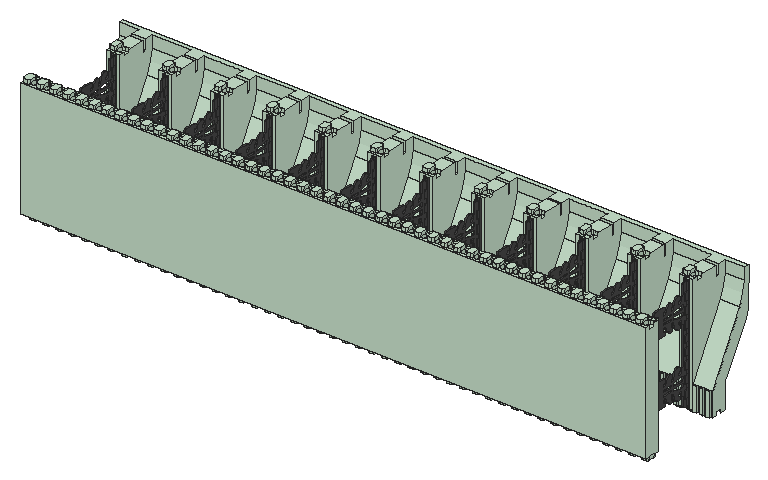
Revit family "ICF- NUDURA 10-inch- Brick Ledge Form Unit- Imperial", category Generic Models, Revit 2010 (continued)
Definition of nested family "NUDURA Diamond Pattern"
  Lines and regions (in)
    model lines
      curve 136: line (4.17062, -5.625, 4.69822) -> (4.54562, -5.625, 5.07322)
      curve 137: arc (4.54562, -5.625, 5.07322) -> (4.61884, -5.625, 5.25) -> (4.54562, -5.625, 5.42678) r 0.25
      curve 138: line (4.54562, -5.625, 5.42678) -> (4.17062, -5.625, 5.80178)
      curve 139: arc (3.69709, -5.625, 4.35858) -> (3.75567, -5.625, 4.5) -> (3.69709, -5.625, 4.64142) r 0.2
      curve 140: line (4.634, -5.625, 4.01517) -> (4.29059, -5.625, 4.35858)
      curve 141: arc (4.634, -5.625, 3.48484) -> (4.74384, -5.625, 3.75) -> (4.634, -5.625, 4.01517) r 0.375
      curve 142: line (4.29059, -5.625, 3.14142) -> (4.634, -5.625, 3.48484)
      curve 143: line (3.35367, -5.625, 3.48484) -> (3.69709, -5.625, 3.14142)
      curve 144: arc (3.35367, -5.625, 4.01517) -> (3.24384, -5.625, 3.75) -> (3.35367, -5.625, 3.48484) r 0.375
      curve 145: line (3.69709, -5.625, 4.35858) -> (3.35367, -5.625, 4.01517)
      curve 146: arc (4.17062, -5.625, 4.30178) -> (3.99384, -5.625, 4.375) -> (3.81706, -5.625, 4.30178) r 0.25
      curve 147: line (3.81706, -5.625, 4.30178) -> (3.44206, -5.625, 3.92678)
      curve 148: arc (3.44206, -5.625, 3.92678) -> (3.36884, -5.625, 3.75) -> (3.44206, -5.625, 3.57322) r 0.25
      curve 149: line (3.44206, -5.625, 3.57322) -> (3.81706, -5.625, 3.19822)
      curve 150: arc (3.81706, -5.625, 3.19822) -> (3.99384, -5.625, 3.125) -> (4.17062, -5.625, 3.19822) r 0.25
      curve 151: line (4.17062, -5.625, 3.19822) -> (4.54562, -5.625, 3.57322)
      curve 152: arc (4.54562, -5.625, 3.57322) -> (4.61884, -5.625, 3.75) -> (4.54562, -5.625, 3.92678) r 0.25
      curve 153: line (4.54562, -5.625, 3.92678) -> (4.17062, -5.625, 4.30178)
      curve 154: arc (3.69709, -5.625, 2.85858) -> (3.75567, -5.625, 3) -> (3.69709, -5.625, 3.14142) r 0.2
      curve 155: line (4.634, -5.625, 2.51517) -> (4.29059, -5.625, 2.85858)
      curve 156: arc (4.634, -5.625, 1.98484) -> (4.74384, -5.625, 2.25) -> (4.634, -5.625, 2.51517) r 0.375
      curve 157: line (4.29059, -5.625, 1.64142) -> (4.634, -5.625, 1.98484)
      curve 158: line (3.35367, -5.625, 1.98484) -> (3.69709, -5.625, 1.64142)
      curve 159: arc (3.35367, -5.625, 2.51517) -> (3.24384, -5.625, 2.25) -> (3.35367, -5.625, 1.98484) r 0.375
      curve 160: line (3.69709, -5.625, 2.85858) -> (3.35367, -5.625, 2.51517)
      curve 161: arc (4.17062, -5.625, 2.80178) -> (3.99384, -5.625, 2.875) -> (3.81706, -5.625, 2.80178) r 0.25
      curve 162: line (3.81706, -5.625, 2.80178) -> (3.44206, -5.625, 2.42678)
      curve 163: arc (3.44206, -5.625, 2.42678) -> (3.36884, -5.625, 2.25) -> (3.44206, -5.625, 2.07322) r 0.25
      curve 164: line (3.44206, -5.625, 2.07322) -> (3.81706, -5.625, 1.69822)
      curve 165: arc (3.81706, -5.625, 1.69822) -> (3.99384, -5.625, 1.625) -> (4.17062, -5.625, 1.69822) r 0.25
      curve 166: line (4.17062, -5.625, 1.69822) -> (4.54562, -5.625, 2.07322)
      curve 167: arc (4.54562, -5.625, 2.07322) -> (4.61884, -5.625, 2.25) -> (4.54562, -5.625, 2.42678) r 0.25
      curve 168: line (4.54562, -5.625, 2.42678) -> (4.17062, -5.625, 2.80178)
      curve 169: arc (3.69709, -5.625, 1.35858) -> (3.75567, -5.625, 1.5) -> (3.69709, -5.625, 1.64142) r 0.2
      curve 170: line (3.69709, -5.625, 1.35858) -> (3.35367, -5.625, 1.01517)
      curve 171: arc (3.35367, -5.625, 1.01517) -> (3.24384, -5.625, 0.75) -> (3.35367, -5.625, 0.48484) r 0.375
      curve 172: line (3.35367, -5.625, 0.48484) -> (3.72867, -5.625, 0.10984)
      curve 173: arc (3.72867, -5.625, 0.10984) -> (3.99384, -5.625, 0) -> (4.259, -5.625, 0.10984) r 0.375
      curve 174: line (4.259, -5.625, 0.10984) -> (4.634, -5.625, 0.48484)
      curve 175: arc (4.634, -5.625, 0.48484) -> (4.74384, -5.625, 0.75) -> (4.634, -5.625, 1.01517) r 0.375
      curve 176: line (4.634, -5.625, 1.01517) -> (4.29059, -5.625, 1.35858)
      curve 177: arc (4.29059, -5.625, 1.64142) -> (4.23201, -5.625, 1.5) -> (4.29059, -5.625, 1.35858) r 0.2
      curve 178: arc (4.17062, -5.625, 1.30178) -> (3.99384, -5.625, 1.375) -> (3.81706, -5.625, 1.30178) r 0.25
      curve 179: line (4.54562, -5.625, 0.92678) -> (4.17062, -5.625, 1.30178)
      curve 180: arc (4.54562, -5.625, 0.57322) -> (4.61884, -5.625, 0.75) -> (4.54562, -5.625, 0.92678) r 0.25
      curve 181: line (4.17062, -5.625, 0.19822) -> (4.54562, -5.625, 0.57322)
      curve 182: arc (3.81706, -5.625, 0.19822) -> (3.99384, -5.625, 0.125) -> (4.17062, -5.625, 0.19822) r 0.25
      curve 183: line (3.44206, -5.625, 0.57322) -> (3.81706, -5.625, 0.19822)
      curve 184: arc (3.44206, -5.625, 0.92678) -> (3.36884, -5.625, 0.75) -> (3.44206, -5.625, 0.57322) r 0.25
      curve 185: line (3.81706, -5.625, 1.30178) -> (3.44206, -5.625, 0.92678)
      curve 186: arc (4.29059, -5.625, 3.14142) -> (4.23201, -5.625, 3) -> (4.29059, -5.625, 2.85858) r 0.2
      curve 187: arc (4.29059, -5.625, 4.64142) -> (4.23201, -5.625, 4.5) -> (4.29059, -5.625, 4.35858) r 0.2
      curve 188: arc (4.29059, -5.625, 6.14142) -> (4.23201, -5.625, 6) -> (4.29059, -5.625, 5.85858) r 0.2
      curve 189: arc (4.29059, -5.625, 7.64142) -> (4.23201, -5.625, 7.5) -> (4.29059, -5.625, 7.35858) r 0.2
      curve 190: arc (4.29059, -5.625, 9.14142) -> (4.23201, -5.625, 9) -> (4.29059, -5.625, 8.85858) r 0.2
      curve 191: arc (4.29059, -5.625, 10.64142) -> (4.23201, -5.625, 10.5) -> (4.29059, -5.625, 10.35858) r 0.2
      curve 192: arc (4.29059, -5.625, 12.14142) -> (4.23201, -5.625, 12) -> (4.29059, -5.625, 11.85858) r 0.2
      curve 193: arc (4.29059, -5.625, 13.64142) -> (4.23201, -5.625, 13.5) -> (4.29059, -5.625, 13.35858) r 0.2
      curve 194: arc (4.29059, -5.625, 15.14142) -> (4.23201, -5.625, 15) -> (4.29059, -5.625, 14.85858) r 0.2
      curve 195: arc (4.29059, -5.625, 16.64142) -> (4.23201, -5.625, 16.5) -> (4.29059, -5.625, 16.35858) r 0.2
Definition of nested family "NUDURA Logo Diamond"
  Reference planes (in)
    plane 1 "Center (Front/Back)": y = 0
    plane 2: z = 0
    plane 3 "Center (Left/Right)": x = 0
  Lines and regions (in)
    model lines
      curve 1: line (12.59848, 0, 17.50104) -> (12.24492, 0, 17.85459)
      curve 2: line (12.36113, 0, 16.76872) -> (12.59848, 0, 17.00607)
      curve 3: line (12.59848, 0, 16.00104) -> (12.36113, 0, 16.23839)
      curve 4: line (12.36113, 0, 15.26872) -> (12.59848, 0, 15.50607)
      curve 5: line (12.59848, 0, 14.50104) -> (12.36113, 0, 14.73839)
      curve 6: line (12.36113, 0, 13.76872) -> (12.59848, 0, 14.00607)
      curve 7: line (12.17421, 0, 13.28388) -> (12.71208, 0, 12.74602)
      curve 8: line (12.71208, 0, 12.74602) -> (12.78279, 0, 12.81673)
      curve 9: line (11.28279, 0, 12.74602) -> (11.82066, 0, 13.28388)
      curve 10: line (11.63374, 0, 13.23839) -> (11.21208, 0, 12.81673)
      curve 11: line (11.3964, 0, 14.00607) -> (11.63374, 0, 13.76872)
      curve 12: line (11.63374, 0, 14.73839) -> (11.3964, 0, 14.50104)
      curve 13: line (11.3964, 0, 15.50607) -> (11.63374, 0, 15.26872)
      curve 14: line (11.63374, 0, 16.23839) -> (11.3964, 0, 16.00104)
      curve 15: line (11.3964, 0, 17.00607) -> (11.63374, 0, 16.76872)
      curve 16: line (11.74995, 0, 17.85459) -> (11.3964, 0, 17.50104)
      curve 17: line (11.82066, 0, 17.78388) -> (11.46711, 0, 17.43033)
      curve 18: line (12.52777, 0, 17.43033) -> (12.17421, 0, 17.78388)
      curve 19: line (12.17421, 0, 16.72322) -> (12.52777, 0, 17.07678)
      curve 20: line (11.46711, 0, 17.07678) -> (11.82066, 0, 16.72322)
      curve 21: arc (11.3964, 0, 17.50104) -> (11.29388, 0, 17.25355) -> (11.3964, 0, 17.00607) r 0.35
      curve 22: arc (11.74995, 0, 17.85459) -> (11.99744, 0, 17.95711) -> (12.24492, 0, 17.85459) r 0.35
      curve 23: arc (11.46711, 0, 17.43033) -> (11.39388, 0, 17.25355) -> (11.46711, 0, 17.07678) r 0.25
      curve 24: arc (12.52777, 0, 17.43033) -> (12.60099, 0, 17.25355) -> (12.52777, 0, 17.07678) r 0.25
      curve 25: arc (12.17421, 0, 16.72322) -> (11.99744, 0, 16.65) -> (11.82066, 0, 16.72322) r 0.25
      curve 26: arc (11.82066, 0, 17.78388) -> (11.99744, 0, 17.85711) -> (12.17421, 0, 17.78388) r 0.25
      curve 27: arc (12.59848, 0, 17.50104) -> (12.70099, 0, 17.25355) -> (12.59848, 0, 17.00607) r 0.35
      curve 28: arc (11.63374, 0, 16.76872) -> (11.74358, 0, 16.50355) -> (11.63374, 0, 16.23839) r 0.375
      curve 29: arc (12.36113, 0, 16.76872) -> (12.2513, 0, 16.50355) -> (12.36113, 0, 16.23839) r 0.375
      curve 30: line (12.36113, 0, 15.26872) -> (12.59848, 0, 15.50607)
      curve 31: line (11.3964, 0, 15.50607) -> (11.63374, 0, 15.26872)
      curve 32: line (11.82066, 0, 16.28388) -> (11.46711, 0, 15.93033)
      curve 33: line (12.52777, 0, 15.93033) -> (12.17421, 0, 16.28388)
      curve 34: line (12.17421, 0, 15.22322) -> (12.52777, 0, 15.57678)
      curve 35: line (11.46711, 0, 15.57678) -> (11.82066, 0, 15.22322)
      curve 36: arc (11.3964, 0, 16.00104) -> (11.29388, 0, 15.75355) -> (11.3964, 0, 15.50607) r 0.35
      curve 37: arc (11.46711, 0, 15.93033) -> (11.39388, 0, 15.75355) -> (11.46711, 0, 15.57678) r 0.25
      curve 38: arc (12.52777, 0, 15.93033) -> (12.60099, 0, 15.75355) -> (12.52777, 0, 15.57678) r 0.25
      curve 39: arc (12.17421, 0, 15.22322) -> (11.99744, 0, 15.15) -> (11.82066, 0, 15.22322) r 0.25
      curve 40: arc (11.82066, 0, 16.28388) -> (11.99744, 0, 16.35711) -> (12.17421, 0, 16.28388) r 0.25
      curve 41: arc (12.59848, 0, 16.00104) -> (12.70099, 0, 15.75355) -> (12.59848, 0, 15.50607) r 0.35
      curve 42: line (11.63374, 0, 16.23839) -> (11.3964, 0, 16.00104)
      curve 43: line (12.59848, 0, 16.00104) -> (12.36113, 0, 16.23839)
      curve 44: arc (11.63374, 0, 15.26872) -> (11.74358, 0, 15.00355) -> (11.63374, 0, 14.73839) r 0.375
      curve 45: arc (12.36113, 0, 15.26872) -> (12.2513, 0, 15.00355) -> (12.36113, 0, 14.73839) r 0.375
      curve 46: line (12.36113, 0, 13.76872) -> (12.59848, 0, 14.00607)
      curve 47: line (11.3964, 0, 14.00607) -> (11.63374, 0, 13.76872)
      curve 48: line (11.82066, 0, 14.78388) -> (11.46711, 0, 14.43033)
      curve 49: line (12.52777, 0, 14.43033) -> (12.17421, 0, 14.78388)
      curve 50: line (12.17421, 0, 13.72322) -> (12.52777, 0, 14.07678)
      curve 51: line (11.46711, 0, 14.07678) -> (11.82066, 0, 13.72322)
      curve 52: arc (11.3964, 0, 14.50104) -> (11.29388, 0, 14.25355) -> (11.3964, 0, 14.00607) r 0.35
      curve 53: arc (11.46711, 0, 14.43033) -> (11.39388, 0, 14.25355) -> (11.46711, 0, 14.07678) r 0.25
      curve 54: arc (12.52777, 0, 14.43033) -> (12.60099, 0, 14.25355) -> (12.52777, 0, 14.07678) r 0.25
      curve 55: arc (12.17421, 0, 13.72322) -> (11.99744, 0, 13.65) -> (11.82066, 0, 13.72322) r 0.25
      curve 56: arc (11.82066, 0, 14.78388) -> (11.99744, 0, 14.85711) -> (12.17421, 0, 14.78388) r 0.25
      curve 57: arc (12.59848, 0, 14.50104) -> (12.70099, 0, 14.25355) -> (12.59848, 0, 14.00607) r 0.35
      curve 58: line (11.63374, 0, 14.73839) -> (11.3964, 0, 14.50104)
      curve 59: arc (11.63374, 0, 13.76872) -> (11.74358, 0, 13.50355) -> (11.63374, 0, 13.23839) r 0.375
      curve 60: arc (12.36113, 0, 13.76872) -> (12.2513, 0, 13.50355) -> (12.36113, 0, 13.23839) r 0.375
      curve 61: line (12.78279, 0, 12.81673) -> (12.36113, 0, 13.23839)
      curve 62: line (11.21208, 0, 12.81673) -> (11.28279, 0, 12.74602)
      curve 63: arc (11.82066, 0, 13.28388) -> (11.99744, 0, 13.35711) -> (12.17421, 0, 13.28388) r 0.25
      curve 64: line (12.59848, 0, 0.50607) -> (12.24492, 0, 0.15251)
      curve 65: line (12.36113, 0, 1.23839) -> (12.59848, 0, 1.00104)
      curve 66: line (12.59848, 0, 2.00607) -> (12.36113, 0, 1.76872)
      curve 67: line (12.36113, 0, 2.73839) -> (12.59848, 0, 2.50104)
      curve 68: line (12.59848, 0, 3.50607) -> (12.36113, 0, 3.26872)
      curve 69: line (12.36113, 0, 4.23839) -> (12.59848, 0, 4.00104)
      curve 70: line (12.17421, 0, 4.72322) -> (12.71208, 0, 5.26109)
      curve 71: line (12.71208, 0, 5.26109) -> (12.78279, 0, 5.19038)
      curve 72: line (11.28279, 0, 5.26109) -> (11.82066, 0, 4.72322)
      curve 73: line (11.63374, 0, 4.76872) -> (11.21208, 0, 5.19038)
      curve 74: line (11.3964, 0, 4.00104) -> (11.63374, 0, 4.23839)
      curve 75: line (11.63374, 0, 3.26872) -> (11.3964, 0, 3.50607)
      curve 76: line (11.3964, 0, 2.50104) -> (11.63374, 0, 2.73839)
      curve 77: line (11.63374, 0, 1.76872) -> (11.3964, 0, 2.00607)
      curve 78: line (11.3964, 0, 1.00104) -> (11.63374, 0, 1.23839)
      curve 79: line (11.74995, 0, 0.15251) -> (11.3964, 0, 0.50607)
      curve 80: line (11.82066, 0, 0.22322) -> (11.46711, 0, 0.57678)
      curve 81: line (12.52777, 0, 0.57678) -> (12.17421, 0, 0.22322)
      curve 82: line (12.17421, 0, 1.28388) -> (12.52777, 0, 0.93033)
      curve 83: line (11.46711, 0, 0.93033) -> (11.82066, 0, 1.28388)
      curve 84: arc (11.3964, 0, 0.50607) -> (11.29388, 0, 0.75355) -> (11.3964, 0, 1.00104) r 0.35
      curve 85: arc (11.74995, 0, 0.15251) -> (11.99744, 0, 0.05) -> (12.24492, 0, 0.15251) r 0.35
      curve 86: arc (11.46711, 0, 0.57678) -> (11.39388, 0, 0.75355) -> (11.46711, 0, 0.93033) r 0.25
      curve 87: arc (12.52777, 0, 0.57678) -> (12.60099, 0, 0.75355) -> (12.52777, 0, 0.93033) r 0.25
      curve 88: arc (12.17421, 0, 1.28388) -> (11.99744, 0, 1.35711) -> (11.82066, 0, 1.28388) r 0.25
      curve 89: arc (11.82066, 0, 0.22322) -> (11.99744, 0, 0.15) -> (12.17421, 0, 0.22322) r 0.25
      curve 90: arc (12.59848, 0, 0.50607) -> (12.70099, 0, 0.75355) -> (12.59848, 0, 1.00104) r 0.35
      curve 91: arc (11.63374, 0, 1.23839) -> (11.74358, 0, 1.50355) -> (11.63374, 0, 1.76872) r 0.375
      curve 92: arc (12.36113, 0, 1.23839) -> (12.2513, 0, 1.50355) -> (12.36113, 0, 1.76872) r 0.375
      curve 93: line (12.36113, 0, 2.73839) -> (12.59848, 0, 2.50104)
      curve 94: line (11.3964, 0, 2.50104) -> (11.63374, 0, 2.73839)
      curve 95: line (11.82066, 0, 1.72322) -> (11.46711, 0, 2.07678)
      curve 96: line (12.52777, 0, 2.07678) -> (12.17421, 0, 1.72322)
      curve 97: line (12.17421, 0, 2.78388) -> (12.52777, 0, 2.43033)
      curve 98: line (11.46711, 0, 2.43033) -> (11.82066, 0, 2.78388)
      curve 99: arc (11.3964, 0, 2.00607) -> (11.29388, 0, 2.25355) -> (11.3964, 0, 2.50104) r 0.35
      curve 100: arc (11.46711, 0, 2.07678) -> (11.39388, 0, 2.25355) -> (11.46711, 0, 2.43033) r 0.25
      curve 101: arc (12.52777, 0, 2.07678) -> (12.60099, 0, 2.25355) -> (12.52777, 0, 2.43033) r 0.25
      curve 102: arc (12.17421, 0, 2.78388) -> (11.99744, 0, 2.85711) -> (11.82066, 0, 2.78388) r 0.25
      curve 103: arc (11.82066, 0, 1.72322) -> (11.99744, 0, 1.65) -> (12.17421, 0, 1.72322) r 0.25
      curve 104: arc (12.59848, 0, 2.00607) -> (12.70099, 0, 2.25355) -> (12.59848, 0, 2.50104) r 0.35
      curve 105: line (11.63374, 0, 1.76872) -> (11.3964, 0, 2.00607)
      curve 106: line (12.59848, 0, 2.00607) -> (12.36113, 0, 1.76872)
      curve 107: arc (11.63374, 0, 2.73839) -> (11.74358, 0, 3.00355) -> (11.63374, 0, 3.26872) r 0.375
      curve 108: arc (12.36113, 0, 2.73839) -> (12.2513, 0, 3.00355) -> (12.36113, 0, 3.26872) r 0.375
      curve 109: line (12.36113, 0, 4.23839) -> (12.59848, 0, 4.00104)
      curve 110: line (11.3964, 0, 4.00104) -> (11.63374, 0, 4.23839)
      curve 111: line (11.82066, 0, 3.22322) -> (11.46711, 0, 3.57678)
      curve 112: line (12.52777, 0, 3.57678) -> (12.17421, 0, 3.22322)
      curve 113: line (12.17421, 0, 4.28388) -> (12.52777, 0, 3.93033)
      curve 114: line (11.46711, 0, 3.93033) -> (11.82066, 0, 4.28388)
      curve 115: arc (11.3964, 0, 3.50607) -> (11.29388, 0, 3.75355) -> (11.3964, 0, 4.00104) r 0.35
      curve 116: arc (11.46711, 0, 3.57678) -> (11.39388, 0, 3.75355) -> (11.46711, 0, 3.93033) r 0.25
      curve 117: arc (12.52777, 0, 3.57678) -> (12.60099, 0, 3.75355) -> (12.52777, 0, 3.93033) r 0.25
      curve 118: arc (12.17421, 0, 4.28388) -> (11.99744, 0, 4.35711) -> (11.82066, 0, 4.28388) r 0.25
      curve 119: arc (11.82066, 0, 3.22322) -> (11.99744, 0, 3.15) -> (12.17421, 0, 3.22322) r 0.25
      curve 120: arc (12.59848, 0, 3.50607) -> (12.70099, 0, 3.75355) -> (12.59848, 0, 4.00104) r 0.35
      curve 121: line (11.63374, 0, 3.26872) -> (11.3964, 0, 3.50607)
      curve 122: arc (11.63374, 0, 4.23839) -> (11.74358, 0, 4.50355) -> (11.63374, 0, 4.76872) r 0.375
      curve 123: arc (12.36113, 0, 4.23839) -> (12.2513, 0, 4.50355) -> (12.36113, 0, 4.76872) r 0.375
      curve 124: line (12.78279, 0, 5.19038) -> (12.36113, 0, 4.76872)
      curve 125: line (11.21208, 0, 5.19038) -> (11.28279, 0, 5.26109)
      curve 126: arc (11.82066, 0, 4.72322) -> (11.99744, 0, 4.65) -> (12.17421, 0, 4.72322) r 0.25
      curve 127: line (12.37244, 0, 12.50355) -> (11.62244, 0, 12.50355)
      curve 128: line (12.74744, 0, 5.87855) -> (12.74744, 0, 12.12855)
      curve 129: line (11.24744, 0, 12.12855) -> (11.24744, 0, 5.87855)
      curve 130: line (11.62244, 0, 5.50355) -> (12.37244, 0, 5.50355)
      curve 131: line (12.47232, 0, 12.00355) -> (12.0393, 0, 12.25355)
      curve 132: line (12.47232, 0, 11.50355) -> (12.47232, 0, 12.00355)
      curve 133: line (12.25581, 0, 11.37855) -> (12.47232, 0, 11.50355)
      curve 134: line (12.02256, 0, 11.51322) -> (12.25581, 0, 11.37855)
      curve 135: line (12.22232, 0, 11.62855) -> (12.02256, 0, 11.51322)
      curve 136: line (11.80605, 0, 12.11888) -> (12.22232, 0, 11.87855)
      curve 137: line (12.22232, 0, 11.87855) -> (12.22232, 0, 11.62855)
      curve 138: line (12.0393, 0, 12.25355) -> (11.80605, 0, 12.11888)
      curve 139: line (11.77256, 0, 11.63822) -> (11.97232, 0, 11.75355)
      curve 140: line (11.97232, 0, 11.75355) -> (11.73906, 0, 11.88822)
      curve 141: line (11.73906, 0, 11.88822) -> (11.52256, 0, 11.76322)
      curve 142: line (11.52256, 0, 11.76322) -> (11.52256, 0, 11.26322)
      curve 143: line (11.77256, 0, 11.38822) -> (11.77256, 0, 11.63822)
      curve 144: line (12.18882, 0, 11.14789) -> (11.77256, 0, 11.38822)
      curve 145: line (11.95557, 0, 11.01322) -> (12.18882, 0, 11.14789)
      curve 146: line (11.52256, 0, 11.26322) -> (11.95557, 0, 11.01322)
      curve 147: line (12.31108, 0, 10.60411) -> (11.68379, 0, 10.74458)
      curve 148: line (11.68379, 0, 10.74458) -> (11.68379, 0, 10.51321)
      curve 149: line (11.68379, 0, 10.51321) -> (12.1295, 0, 10.41405)
      curve 150: line (12.1295, 0, 10.41405) -> (11.68379, 0, 10.27358)
      curve 151: line (11.68379, 0, 10.27358) -> (11.68379, 0, 9.8852)
      curve 152: line (11.68379, 0, 9.8852) -> (12.17077, 0, 9.77615)
      curve 153: line (12.17077, 0, 9.77615) -> (12.17077, 0, 9.74472)
      curve 154: line (12.17077, 0, 9.74472) -> (11.86146, 0, 9.80279)
      curve 155: line (11.68379, 0, 9.65536) -> (11.68379, 0, 9.35864)
      curve 156: line (12.07077, 0, 8.74385) -> (12.07077, 0, 8.99996)
      curve 157: line (12.07077, 0, 8.99996) -> (11.68379, 0, 9.08605)
      curve 158: line (11.68379, 0, 9.08605) -> (11.68379, 0, 8.47809)
      curve 159: line (11.91823, 0, 9.06589) -> (12.31108, 0, 8.97792)
      curve 160: line (11.82444, 0, 8.55476) -> (11.82444, 0, 8.79865)
      curve 161: line (11.82444, 0, 8.79865) -> (12.07077, 0, 8.74385)
      curve 162: line (11.68379, 0, 8.07193) -> (11.68379, 0, 7.77522)
      curve 163: line (11.91823, 0, 7.48247) -> (12.21108, 0, 7.41688)
      curve 164: line (12.21108, 0, 7.41688) -> (12.21108, 0, 6.95405)
      curve 165: line (12.16108, 0, 6.90405) -> (12.12077, 0, 6.90405)
      curve 166: line (12.07077, 0, 6.95405) -> (12.07077, 0, 7.08675)
      curve 167: line (12.07077, 0, 7.08675) -> (12.12077, 0, 7.07556)
      curve 168: line (12.12077, 0, 7.07556) -> (12.12077, 0, 7.33463)
      curve 169: line (12.12077, 0, 7.33463) -> (11.68379, 0, 7.43249)
      curve 170: line (11.68379, 0, 7.43249) -> (11.68379, 0, 7.17341)
      curve 171: line (11.68379, 0, 7.17341) -> (11.97077, 0, 7.10915)
      curve 172: line (11.97077, 0, 7.10915) -> (11.97077, 0, 6.99425)
      curve 173: line (11.92077, 0, 6.94425) -> (11.68379, 0, 6.94425)
      curve 174: line (11.68379, 0, 6.94425) -> (11.68379, 0, 6.45682)
      curve 175: line (11.68379, 0, 6.45682) -> (11.78284, 0, 6.38658)
      curve 176: line (11.78284, 0, 6.38658) -> (11.78284, 0, 6.05178)
      curve 177: line (12.12371, 0, 6.14486) -> (11.88284, 0, 6.31567)
      curve 178: line (11.88284, 0, 6.31567) -> (11.88284, 0, 6.07909)
      curve 179: line (11.88284, 0, 6.07909) -> (12.12371, 0, 6.14486)
      curve 180: line (11.78284, 0, 6.05178) -> (11.68379, 0, 6.02474)
      curve 181: line (11.68379, 0, 6.02474) -> (11.68379, 0, 5.75355)
      curve 182: line (11.68379, 0, 5.75355) -> (12.31108, 0, 5.92483)
      curve 183: line (12.31108, 0, 5.92483) -> (12.31108, 0, 6.28791)
      curve 184: line (12.31108, 0, 6.28791) -> (11.76249, 0, 6.67694)
      curve 185: line (11.76249, 0, 6.67694) -> (11.90321, 0, 6.67694)
      curve 186: line (12.31108, 0, 6.78674) -> (12.31108, 0, 7.63562)
      curve 187: line (12.31108, 0, 7.63562) -> (11.90258, 0, 7.7271)
      curve 188: line (11.82444, 0, 7.82469) -> (11.82444, 0, 7.92839)
      curve 189: line (11.88536, 0, 7.97718) -> (12.31108, 0, 7.88185)
      curve 190: line (12.31108, 0, 7.88185) -> (12.31108, 0, 8.13496)
      curve 191: line (12.31108, 0, 8.13496) -> (12.08042, 0, 8.17826)
      curve 192: line (12.31108, 0, 8.38353) -> (12.31108, 0, 8.9465)
      curve 193: line (12.31108, 0, 8.9465) -> (12.17077, 0, 8.97771)
      curve 194: line (12.17077, 0, 8.97771) -> (12.17077, 0, 8.55476)
      curve 195: line (12.31108, 0, 8.97792) -> (12.31108, 0, 9.21905)
      curve 196: line (12.31108, 0, 9.21905) -> (11.90258, 0, 9.31053)
      curve 197: line (11.82444, 0, 9.40811) -> (11.82444, 0, 9.51182)
      curve 198: line (11.87938, 0, 9.56195) -> (12.31108, 0, 9.46528)
      curve 199: line (12.31108, 0, 9.46528) -> (12.31108, 0, 9.98469)
      curve 200: line (12.31108, 0, 9.98469) -> (11.90664, 0, 10.07526)
      curve 201: line (11.90664, 0, 10.07526) -> (12.31108, 0, 10.20747)
      curve 202: line (12.31108, 0, 10.20747) -> (12.31108, 0, 10.60411)
      curve 203: arc (11.68379, 0, 9.65536) -> (11.73801, 0, 9.7708) -> (11.86146, 0, 9.80279) r 0.15
      curve 204: arc (11.68379, 0, 9.35864) -> (11.74962, 0, 9.17112) -> (11.91823, 0, 9.06589) r 0.3
      curve 205: arc (11.84417, 0, 8.22149) -> (11.72718, 0, 8.32679) -> (11.68379, 0, 8.47809) r 0.28547
      curve 206: arc (11.68379, 0, 8.07193) -> (11.73147, 0, 8.18158) -> (11.84417, 0, 8.22149) r 0.14992
      curve 207: arc (11.68379, 0, 7.77522) -> (11.74962, 0, 7.58769) -> (11.91823, 0, 7.48247) r 0.3
      curve 208: arc (11.82444, 0, 7.82469) -> (11.84638, 0, 7.76218) -> (11.90258, 0, 7.7271) r 0.1
      curve 209: arc (11.82444, 0, 7.92839) -> (11.84318, 0, 7.96742) -> (11.88536, 0, 7.97718) r 0.05
      curve 210: arc (12.12077, 0, 6.90405) -> (12.08541, 0, 6.91869) -> (12.07077, 0, 6.95405) r 0.05
      curve 211: arc (12.16108, 0, 6.90405) -> (12.19644, 0, 6.91869) -> (12.21108, 0, 6.95405) r 0.05
      curve 212: arc (11.97077, 0, 6.99425) -> (11.95612, 0, 6.95889) -> (11.92077, 0, 6.94425) r 0.05
      curve 213: arc (11.90321, 0, 6.67694) -> (11.96756, 0, 6.70069) -> (12.00104, 0, 6.76055) r 0.09904
      curve 214: arc (12.00104, 0, 6.76055) -> (12.1681, 0, 6.63117) -> (12.31108, 0, 6.78674) r 0.15613
      curve 215: arc (12.08042, 0, 8.17826) -> (12.24181, 0, 8.22914) -> (12.31108, 0, 8.38353) r 0.20667
      curve 216: arc (11.82444, 0, 8.55476) -> (11.9976, 0, 8.3816) -> (12.17077, 0, 8.55476) r 0.17317
      curve 217: arc (11.82444, 0, 9.40811) -> (11.84638, 0, 9.34561) -> (11.90258, 0, 9.31053) r 0.1
      curve 218: arc (11.82444, 0, 9.51182) -> (11.8459, 0, 9.55306) -> (11.892, 0, 9.55913) r 0.05034
      curve 219: arc (11.24744, 0, 12.12855) -> (11.35727, 0, 12.39372) -> (11.62244, 0, 12.50355) r 0.375
      curve 220: arc (12.37244, 0, 12.50355) -> (12.6376, 0, 12.39372) -> (12.74744, 0, 12.12855) r 0.375
      curve 221: arc (11.24744, 0, 5.87855) -> (11.35727, 0, 5.61339) -> (11.62244, 0, 5.50355) r 0.375
      curve 222: arc (12.37244, 0, 5.50355) -> (12.6376, 0, 5.61339) -> (12.74744, 0, 5.87855) r 0.375
      curve 223: line (9.99744, 0, 18) -> (9.99744, 0, 0)
      curve 224: line (13.99744, 0, 18) -> (13.99744, 0, 0)
      curve 225: line (15.99744, 0, 18) -> (15.99744, 0, 0)
Definition of nested family "NUDURA Brick Ledge Diamond Pattern"
  Reference planes (in)
    plane 1 "Center (Front/Back)": y = 0
    plane 2: z = 0
    plane 3 "Center (Left/Right)": x = 0
    plane 4: z = 4
  Lines and regions (in)
    model lines
      curve 1: line (8, -5.625, 4) -> (8, -5.625, 0)
      curve 2: line (6, -5.625, 4) -> (6, -5.625, 0)
      curve 3: line (2, -5.625, 4) -> (2, -5.625, 0)
      curve 4: arc (4.634, -5.625, 3.48484) -> (4.74384, -5.625, 3.75) -> (4.634, -5.625, 4.01517) r 0.375
      curve 5: line (4.29059, -5.625, 3.14142) -> (4.634, -5.625, 3.48484)
      curve 6: line (3.35367, -5.625, 3.48484) -> (3.69709, -5.625, 3.14142)
      curve 7: arc (3.35367, -5.625, 4.01517) -> (3.24384, -5.625, 3.75) -> (3.35367, -5.625, 3.48484) r 0.375
      curve 8: arc (4.17062, -5.625, 4.30178) -> (3.99384, -5.625, 4.375) -> (3.81706, -5.625, 4.30178) r 0.25
      curve 9: line (3.81706, -5.625, 4.30178) -> (3.44206, -5.625, 3.92678)
      curve 10: arc (3.44206, -5.625, 3.92678) -> (3.36884, -5.625, 3.75) -> (3.44206, -5.625, 3.57322) r 0.25
      curve 11: line (3.44206, -5.625, 3.57322) -> (3.81706, -5.625, 3.19822)
      curve 12: arc (3.81706, -5.625, 3.19822) -> (3.99384, -5.625, 3.125) -> (4.17062, -5.625, 3.19822) r 0.25
      curve 13: line (4.17062, -5.625, 3.19822) -> (4.54562, -5.625, 3.57322)
      curve 14: arc (4.54562, -5.625, 3.57322) -> (4.61884, -5.625, 3.75) -> (4.54562, -5.625, 3.92678) r 0.25
      curve 15: line (4.54562, -5.625, 3.92678) -> (4.17062, -5.625, 4.30178)
      curve 16: arc (3.69709, -5.625, 2.85858) -> (3.75567, -5.625, 3) -> (3.69709, -5.625, 3.14142) r 0.2
      curve 17: line (4.634, -5.625, 2.51517) -> (4.29059, -5.625, 2.85858)
      curve 18: arc (4.634, -5.625, 1.98484) -> (4.74384, -5.625, 2.25) -> (4.634, -5.625, 2.51517) r 0.375
      curve 19: line (4.29059, -5.625, 1.64142) -> (4.634, -5.625, 1.98484)
      curve 20: line (3.35367, -5.625, 1.98484) -> (3.69709, -5.625, 1.64142)
      curve 21: arc (3.35367, -5.625, 2.51517) -> (3.24384, -5.625, 2.25) -> (3.35367, -5.625, 1.98484) r 0.375
      curve 22: line (3.69709, -5.625, 2.85858) -> (3.35367, -5.625, 2.51517)
      curve 23: arc (4.17062, -5.625, 2.80178) -> (3.99384, -5.625, 2.875) -> (3.81706, -5.625, 2.80178) r 0.25
      curve 24: line (3.81706, -5.625, 2.80178) -> (3.44206, -5.625, 2.42678)
      curve 25: arc (3.44206, -5.625, 2.42678) -> (3.36884, -5.625, 2.25) -> (3.44206, -5.625, 2.07322) r 0.25
      curve 26: line (3.44206, -5.625, 2.07322) -> (3.81706, -5.625, 1.69822)
      curve 27: arc (3.81706, -5.625, 1.69822) -> (3.99384, -5.625, 1.625) -> (4.17062, -5.625, 1.69822) r 0.25
      curve 28: line (4.17062, -5.625, 1.69822) -> (4.54562, -5.625, 2.07322)
      curve 29: arc (4.54562, -5.625, 2.07322) -> (4.61884, -5.625, 2.25) -> (4.54562, -5.625, 2.42678) r 0.25
      curve 30: line (4.54562, -5.625, 2.42678) -> (4.17062, -5.625, 2.80178)
      curve 31: arc (3.69709, -5.625, 1.35858) -> (3.75567, -5.625, 1.5) -> (3.69709, -5.625, 1.64142) r 0.2
      curve 32: line (3.69709, -5.625, 1.35858) -> (3.35367, -5.625, 1.01517)
      curve 33: arc (3.35367, -5.625, 1.01517) -> (3.24384, -5.625, 0.75) -> (3.35367, -5.625, 0.48484) r 0.375
      curve 34: line (3.35367, -5.625, 0.48484) -> (3.72867, -5.625, 0.10984)
      curve 35: arc (3.72867, -5.625, 0.10984) -> (3.99384, -5.625, 0) -> (4.259, -5.625, 0.10984) r 0.375
      curve 36: line (4.259, -5.625, 0.10984) -> (4.634, -5.625, 0.48484)
      curve 37: arc (4.634, -5.625, 0.48484) -> (4.74384, -5.625, 0.75) -> (4.634, -5.625, 1.01517) r 0.375
      curve 38: line (4.634, -5.625, 1.01517) -> (4.29059, -5.625, 1.35858)
      curve 39: arc (4.29059, -5.625, 1.64142) -> (4.23201, -5.625, 1.5) -> (4.29059, -5.625, 1.35858) r 0.2
      curve 40: arc (4.17062, -5.625, 1.30178) -> (3.99384, -5.625, 1.375) -> (3.81706, -5.625, 1.30178) r 0.25
      curve 41: line (4.54562, -5.625, 0.92678) -> (4.17062, -5.625, 1.30178)
      curve 42: arc (4.54562, -5.625, 0.57322) -> (4.61884, -5.625, 0.75) -> (4.54562, -5.625, 0.92678) r 0.25
      curve 43: line (4.17062, -5.625, 0.19822) -> (4.54562, -5.625, 0.57322)
      curve 44: arc (3.81706, -5.625, 0.19822) -> (3.99384, -5.625, 0.125) -> (4.17062, -5.625, 0.19822) r 0.25
      curve 45: line (3.44206, -5.625, 0.57322) -> (3.81706, -5.625, 0.19822)
      curve 46: arc (3.44206, -5.625, 0.92678) -> (3.36884, -5.625, 0.75) -> (3.44206, -5.625, 0.57322) r 0.25
      curve 47: line (3.81706, -5.625, 1.30178) -> (3.44206, -5.625, 0.92678)
      curve 48: arc (4.29059, -5.625, 3.14142) -> (4.23201, -5.625, 3) -> (4.29059, -5.625, 2.85858) r 0.2
      curve 49: line (3.72867, -5.625, 4.39017) -> (3.35367, -5.625, 4.01517)
      curve 50: arc (4.259, -5.625, 4.39017) -> (3.99384, -5.625, 4.5) -> (3.72867, -5.625, 4.39017) r 0.375
      curve 51: line (4.634, -5.625, 4.01517) -> (4.259, -5.625, 4.39017)
